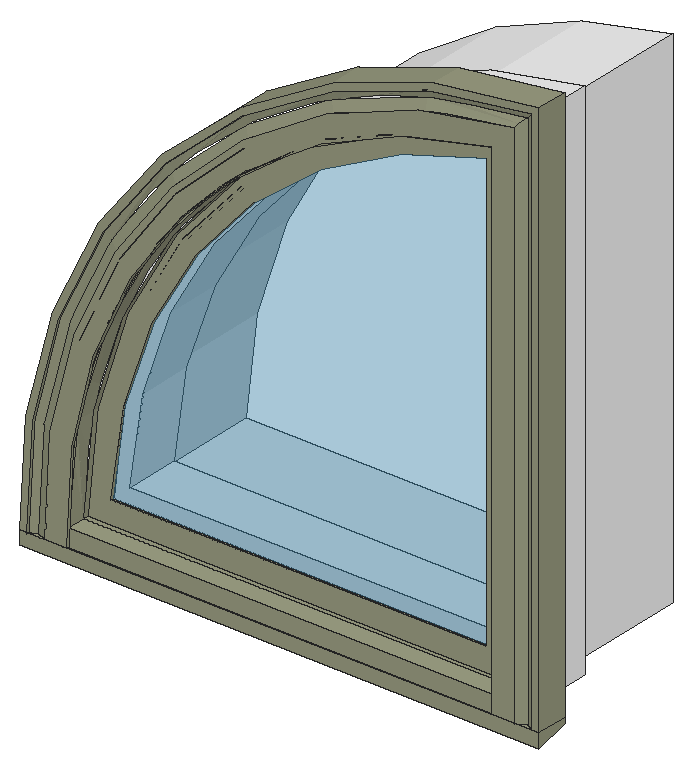
Revit family
Parameters (values of type "1Ft 8 In W x 1Ft 11In H (URTQRN1)")
  Type Comments = ""
  SmartBIM Object Version = 1  # constant formula
  SmartBIM Object Created By = "Reed Construction Data"  # constant formula
  Sill Nosing = yes
  Rough Width = Width + 0' 0 1/2"  # 1' - 8 1/2"
  Rough Height = Height + 0' 0 1/2"  # 1' - 11 1/2"
  Model = "URTQRN1"
  Emergency Escape & Rescue Opening = no
  Interior Material = Kolbe Ultra Pure White
  Header Drip = if([2In Brickmould], 0' 1 79/256", 0' 0")  # 0' - 1 79/256"
  Glass Pane Material = Glass
  Exterior Wall Offset = 0' - 0"
  URL = "http://www.kolbe-kolbe.com/productoverview/index.cfm?page=ultraradius&source=model"
  Manufacturer = "Kolbe & Kolbe Millwork Co., Inc."  # constant formula
  Height = 1' - 11"
  Exterior Sash and Grille Material = Kolbe Spiced Vinegar
  Extension Jamb and Trim Material = Kolbe Bay Leaf
  Drip Extension = if([2In Brickmould], 0' 1 79/256", 0' 0")  # 0' - 1 79/256"
  Description = "Kolbe Ultra Series Casement Direct Set Quarter Circle"  # constant formula
  Default Sill Height = 3' - 0"
  Wall Closure = (empty or 0)
  Width = 1' - 8"
  95 CSI = "08550"  # constant formula
  04 CSI = "08 52 00"  # constant formula
  Assembly Code = ""
  2In Brickmould = yes
Reference planes (in)
  plane 1 "Center (Front/Back)": y = 0
  plane 2: z = 0
  plane 3 "Center (Left/Right)": x = -0.05306
  plane 4 "Left": x = -10.05306
  plane 5 "Right": x = 9.94694
  plane 6 "Sill": z = 36
  plane 7 "Top": z = 59
  plane 8 "Exterior Wall Offset Plane": y = -4
  plane 9 "Glass Bottom": z = 38.6875
  plane 10 "Glass Top": z = 56.3125
  plane 11 "Jamb Extension - Left Exterior": x = -9.61556
  plane 12 "Jamb Extension - Right Exterior": x = 9.50944
  plane 13 "Jamb Extension Alignment": y = -1.25
  plane 14: x = -8.92806
  plane 15 "Top of Jamb Extension": z = 58.5625
  plane 16: z = 57.875
  plane 17 "Bottom of Jamb": z = 36.65234
  plane 18 "Hinge Alignment - Bottom": z = 36.91381
  plane 19 "Hinge Alignment - Left": x = 9.03288
  plane 20 "Hinge Alignment - Right": x = -9.13899
  plane 21 "Sill Nosing": z = 35.916
  plane 22 "Jamb Extension - Bottom": z = 36.4375
  plane 23: y = -4.23609
  plane 24: y = -3.61109
  plane 25: y = -3.48609
  plane 26: y = -4.36109
  plane 27 "Interior Grill Assembly Alignment": y = -3.92359
  plane 28 "Grills Alignment - Vertical": z = 47.5
  plane 29 "Top of Brickmould": z = 60.30078
  plane 30 "Header Drip Location": z = 60.30859
  plane 31 "Header Drip Right": x = 11.25554
  plane 32 "Header Drip Left": x = -11.36165
  plane 33 "Exterior Sash-Grill Assembly Interface": y = -4.79859
  plane 34 "Interior Sash Grill Assembly Interface": y = -3.11109
  plane 35 "Interior Edge of Upper Sash": y = -3.11109
  plane 36 "Exterior Edge of Upper Sash": y = -3.79859
  plane 37 "Hinge Alignment - Top": z = 58.0845
  plane 38: x = -10.05306
  plane 39: x = 9.94694
  plane 40: x = -0.05306
  plane 41: z = 47.5
  plane 42: y = -3.29657
  plane 43: y = -3.42157
  plane 44: y = -4.04657
  plane 45: y = -4.17157
Forms (in)
  Sweep 1, solid, material "Kolbe Ultra Pure White" <- "Interior Material"
    path origin (0, -1.25, 0) x (1, 0, 0) y (0, 0, 1)
      loop
        line (9.94694, 36) -> (9.94694, 59)
        arc (9.94694, 59) -> (-4.61535, 51.46721) -> (-10.05306, 36) r 22.23011
        line (-10.05306, 36) -> (9.94694, 36)
    profile origin (9.94694, -1.25, 47.5) x (-1, 0, 0) y (0, -1, 0)
      loop
        line (0.375, -0.00318) -> (0.375, -5.25) -> (1.0625, -5.25) -> (1.0625, -0.00318) -> (0.375, -0.00318)
  Sweep 2, solid, material "Kolbe Ultra Pure White" <- "Interior Material"
    path origin (0, -4, 0) x (-1, 0, 0) y (0, 0, 1)
      loop
        line (-9.94694, 36) -> (10.05306, 36)
        arc (10.05306, 36) -> (4.61535, 51.46721) -> (-9.94694, 59) r 22.23011
        line (-9.94694, 59) -> (-9.94694, 36)
    profile origin (9.94694, -4, 47.5) x (1, 0, 0) y (0, 1, 0)
      loop
        line (0, 0) -> (0, 2.75318) -> (-1.0625, 2.75318) -> (-1.0625, 0) -> (0, 0)
  Sweep 3, solid, material "Kolbe Bay Leaf" <- "Extension Jamb and Trim Material"
    path origin (0, -4, 0) x (-1, 0, 0) y (0, 0, 1)
      loop
        arc (10.05306, 36) -> (4.61535, 51.46721) -> (-9.94694, 59) r 22.23011
        line (-9.94694, 59) -> (-9.94694, 36) -> (10.05306, 36)
    profile "Profile-Jamb-Exterior : Profile-Jamb-Interior" origin (-4.61535, -4, 51.46721) x (0.754606, 0, -0.656179) y (0, 1, 0)
      loop
        line (0, 0) -> (0, -1.31257) -> (0.74552, -1.31257) -> (0.8125, -0.54694) -> (0.8125, -0.33111) -> (1.8125, -0.33111) -> (1.8125, -0.23736) -> (1.0625, -0.23736) -> (1.0625, 0) -> (0, 0)
  Sweep 4, solid, material "Kolbe Bay Leaf" <- "Extension Jamb and Trim Material", visible <- "2In Brickmould"
    path origin (-24.74638, -4, 48) x (-1, 0, 0) y (0, 0, 1)
      loop
        arc (-14.69332, -12) -> (-20.13103, 3.46721) -> (-34.69332, 11) r 22.23011
        line (-34.69332, 11) -> (-34.69332, -12)
    profile "Profile_Casing-Brickmould-2In_Kolbe : Profile_Casing-Brickmould-2In_Kolbe" origin (9.94694, -4, 47.5) x (-1, 0, 0) y (0, 1, 0)
      loop
        line (-1.30792, -1.38236) -> (-0.99542, -1.38236) -> (-0.99542, -1.31986) -> (-0.665, -1.19512) -> (-0.24542, -1.38236) -> (0.73744, -1.38236) -> (0.74688, -1.31236) -> (0, -1.31236) -> (0, 0) -> (-1.30792, 0) -> (-1.30792, -1.38236)
  Sweep 5, solid, material "Kolbe Ultra Pure White" <- "Interior Material"
    path origin (0, -4, 0) x (-1, 0, 0) y (0, 0, 1)
      loop
        line (-8.88444, 37.06322) -> (9.0072, 37.06322)
        arc (9.0072, 37.06322) -> (3.86485, 50.71084) -> (-8.88444, 57.79298) r 21.16761
        line (-8.88444, 57.79298) -> (-8.88444, 37.06322)
    profile origin (8.88444, -4, 47.4281) x (1, 0, 0) y (0, 1, 0)
      loop
        line (0, 0.70343) -> (0, 3.07843) -> (-0.75, 3.07843) -> (-0.75, 0.70343) -> (0, 0.70343)
  Extrusion 6, solid, material "Glass" <- "Glass Pane Material"
    sketch origin (0, -3.92359, 0) x (-1, 0, 0) y (0, 0, 1)
      loop
        arc (8.88075, 37.1875) -> (3.77702, 50.62128) -> (-8.75944, 57.64637) r 21.04261
        line (-8.75944, 57.64637) -> (-8.75944, 37.1875) -> (8.88075, 37.1875)
    from -0.24797 to -0.12297
  Extrusion 7, solid, material "Glass" <- "Glass Pane Material"
    sketch origin (0, -2.92359, 0) x (-1, 0, 0) y (0, 0, -1)
      loop
        line (8.88075, -37.1875) -> (-8.75944, -37.1875) -> (-8.75944, -57.64637)
        arc (-8.75944, -57.64637) -> (3.77702, -50.62128) -> (8.88075, -37.1875) r 21.04261
    from 0.37297 to 0.49797
  Sweep 8, solid, material "Kolbe Bay Leaf" <- "Extension Jamb and Trim Material", visible <- "Sill Nosing"
    path origin (0, -4, 0) x (-1, 0, 0) y (0, 0, 1)
      loop
        line (11.36165, 35.916) -> (-11.25554, 35.916)
    profile origin (-0.05306, -4, 35.916) x (0, 0, -1) y (0, 1, 0)
      loop
        line (-0.084, -1.38236) -> (0.50656, -1.38236) -> (0.16504, 0) -> (-0.084, 0) -> (-0.084, -1.38236)
Lines and regions (in)
  Opening 1
    outline origin (-60, -4, 0) x (1, 0, 0) y (0, 0, 1)
      loop
        arc (69.94694, 59) -> (55.38465, 51.46721) -> (49.94694, 36) r 22.23011
        line (49.94694, 36) -> (69.94694, 36) -> (69.94694, 59)
  symbolic lines
    curve 1: line (8.75944, -4.04657, 0) -> (8.75944, -3.41849, 0)
Text (in)
  text "EXTERIOR" at (-38.68309, -15.27242, 0), in view "Ref. Level"
  text "INTERIOR" at (-38.94759, 9.23236, 0), in view "Ref. Level"
  text "Exterior" at (0, -14.04097, 61.57392), in view "Left"
  text "Exterior" at (0, -58.40817, 96.37164), in view "Right"
Dimensions and locks (in)
  equal spacing: plane 4 "Left", plane 3 "Center (Left/Right)", plane 5 "Right"
  "Width": plane 4 "Left" to plane 5 "Right"
  "Height": plane 6 "Sill" to plane 7 "Top"
  "Default Sill Height": plane 2 to plane 6 "Sill"
  locked: plane 10 "Glass Top" to plane 7 "Top" at 2.6875
  locked: plane 6 "Sill" to plane 9 "Glass Bottom" at 2.6875
  "Exterior Wall Offset": plane 8 "Exterior Wall Offset Plane" to host wall
  locked: plane 8 "Exterior Wall Offset Plane" to plane 13 "Jamb Extension Alignment" at 2.75
  locked: plane 17 "Bottom of Jamb" to plane 6 "Sill" at 0.65234
  locked: plane 6 "Sill" to plane 21 "Sill Nosing" at 0.084
  locked: plane 4 "Left" to plane 11 "Jamb Extension - Left Exterior" at 0.4375
  locked: plane 11 "Jamb Extension - Left Exterior" to plane 14 at 0.6875
  locked: plane 12 "Jamb Extension - Right Exterior" to plane 5 "Right" at 0.4375
  locked: plane 6 "Sill" to plane 22 "Jamb Extension - Bottom" at 0.4375
  plane 19 "Hinge Alignment - Left" to plane 12 "Jamb Extension - Right Exterior" = 0' - 0 61/128"
  locked: plane 11 "Jamb Extension - Left Exterior" to plane 20 "Hinge Alignment - Right" at 0.47656
  locked: plane 26 to plane 23 at 0.125
  locked: plane 24 to plane 25 at 0.125
  locked: plane 8 "Exterior Wall Offset Plane" to plane 24 at 0.38891
  locked: plane 23 to plane 8 "Exterior Wall Offset Plane" at 0.23609
  equal spacing: plane 23, plane 27 "Interior Grill Assembly Alignment", plane 24
  equal spacing: plane 6 "Sill", plane 28 "Grills Alignment - Vertical", plane 7 "Top"
  locked: plane 7 "Top" to plane 29 "Top of Brickmould" at 1.30078
  "Header Drip": plane 30 "Header Drip Location" to plane 7 "Top"
  "Drip Extension": plane 31 "Header Drip Right" to plane 5 "Right"
  "Drip Extension": plane 32 "Header Drip Left" to plane 4 "Left"
  locked: plane 33 "Exterior Sash-Grill Assembly Interface" to plane 27 "Interior Grill Assembly Alignment" at 0.875
  locked: plane 34 "Interior Sash Grill Assembly Interface" to plane 27 "Interior Grill Assembly Alignment" at 0.8125
  locked: plane 18 "Hinge Alignment - Bottom" to plane 6 "Sill" at 0.91381
  locked: plane 7 "Top" to plane 15 "Top of Jamb Extension" at 0.4375
  locked: plane 35 "Interior Edge of Upper Sash" to plane 13 "Jamb Extension Alignment" at 1.86109
  locked: plane 15 "Top of Jamb Extension" to plane 37 "Hinge Alignment - Top" at 0.478
  locked: plane 37 "Hinge Alignment - Top" to plane 16 at 0.2095
  "Width": plane 39 to plane 38
  equal spacing: plane 7 "Top", plane 41, plane 6 "Sill"
  equal spacing: plane 39, plane 40, plane 38
  locked: plane 42 to plane 43 at 0.125
  locked: plane 44 to plane 45 at 0.125
  locked: plane 43 to plane 44 at 0.625
  locked: plane 8 "Exterior Wall Offset Plane" to plane 45 at 0.17157
  locked: Sweep 1 sketch curve to Sweep 1 sketch curve at 0.6875
  locked: Sweep 8 sketch curve to plane 6 "Sill" at 0.59056
  locked: Sweep 8 sketch curve to plane 6 "Sill" at 0.24903
  locked: Sweep 1 sketch curve to plane 19 "Hinge Alignment - Left" at 0.14844
  locked: Sweep 5 sketch curve to Sweep 5 sketch curve at 0.75
  locked: plane 16 to Extrusion 7 sketch curve at 0.22863
  locked: Extrusion 7 sketch curve to plane 18 "Hinge Alignment - Bottom" at 0.27369  (x2)
  locked: Extrusion 7 sketch curve to plane 19 "Hinge Alignment - Left" at 0.27344
  locked: plane 16 to Extrusion 6 sketch curve at 0.22863
  locked: Extrusion 6 sketch curve to plane 18 "Hinge Alignment - Bottom" at 0.27369  (x2)
  locked: Extrusion 6 sketch curve to plane 19 "Hinge Alignment - Left" at 0.27344
  locked: Sweep 5 sketch curve to Sweep 5 sketch curve at 2.375
  locked: Sweep 5 sketch curve to plane 18 "Hinge Alignment - Bottom" at 0.14941
  aligned and locked: host wall to Sweep 1 sketch curve
  aligned and locked: Opening 1 sketch curve to plane 39
  aligned and locked: Opening 1 sketch curve to plane 6 "Sill"
  aligned and locked: Sweep 4 sketch curve to host wall  (x2)
  aligned and locked: Sweep 3 sketch curve to host wall  (x3)
  aligned and locked: plane 38 to plane 4 "Left"
  aligned and locked: plane 6 "Sill" to Sweep 4 sketch curve  (x2)
  aligned and locked: plane 21 "Sill Nosing" to Sweep 8 sketch curve
  aligned and locked: plane 32 "Header Drip Left" to Sweep 8 sketch curve
  aligned and locked: Sweep 8 sketch curve to plane 31 "Header Drip Right"
  aligned and locked: plane 44 to Extrusion 6
  aligned and locked: Extrusion 6 to plane 45
  aligned and locked: plane 42 to Extrusion 7
  aligned and locked: Extrusion 7 to plane 43
  aligned and locked: Sweep 4 to Sweep 2 sketch curve
  aligned and locked: Sweep 2 sketch curve to Sweep 3  (x2)
  aligned and locked: Sweep 1 sketch curve to Sweep 3
  aligned and locked: Sweep 1 sketch curve to host wall
  aligned and locked: Sweep 1 to Sweep 5 sketch curve  (x2)
  aligned and locked: Sweep 5 sketch curve to Sweep 1
  aligned and locked: Sweep 4 to Sweep 8 sketch curve
  aligned and locked: Sweep 1 sketch curve to Sweep 8
  aligned and locked: plane 42 to Sweep 5 sketch curve
  aligned and locked: Sweep 1 sketch curve to Sweep 2
  aligned and locked: Sweep 8 sketch curve to plane 8 "Exterior Wall Offset Plane"
Automatic sketch dimensions
  Opening 1 sketch curve to plane 38 = 0' - 0"
  Opening 1 sketch curve to plane 18 "Hinge Alignment - Bottom" = 0' - 0.03353"
  Opening 1 sketch curve to plane 7 "Top" = 0' - 0"
  Sweep 2 sketch curve to plane 6 "Sill" = 0' - 0"
  Sweep 2 sketch curve to profile plane = 0' - 0"
  Sweep 2 sketch curve to Sweep 2 sketch curve = 0' - 1 1/16"
  Sweep 2 sketch curve to Sweep 2 sketch curve = 0' - 2.75318"
  profile plane to Sweep 8 sketch curve = 0' - 0.084"
  Extrusion 7 sketch curve to plane 18 "Hinge Alignment - Bottom" = 0' - 0.03353"
  Extrusion 7 sketch curve to plane 14 = 0' - 0.04731"
  Extrusion 6 sketch curve to plane 18 "Hinge Alignment - Bottom" = 0' - 0.03353"
  Extrusion 6 sketch curve to plane 14 = 0' - 0.04731"
  curve 1 to plane 44 = 0' - 0"
  plane 43 to curve 1 = 0' - 0.00308"
  plane 19 "Hinge Alignment - Left" to curve 1 = 0' - 0 35/128"
